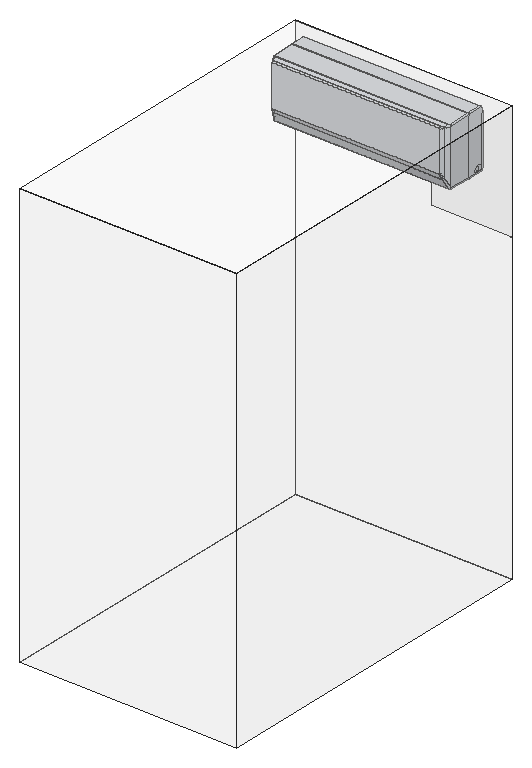
Revit family "pk-rp28la5_112ka21_60hz", category 機械設備, Revit 2019 (continued)
Definition of nested family "pk-rp_la3"
  Automatic sketch dimensions
    Extrusion 1 sketch curve to Extrusion 1 sketch curve = 1.509 mm
    Extrusion 1 sketch curve to plane 10 "Fkidasi_Z" = 2.669 mm
    Extrusion 1 sketch curve to Extrusion 1 sketch curve = 3.53 mm
    Extrusion 1 sketch curve to Extrusion 1 sketch curve = 0.245 mm
    Extrusion 1 sketch curve to plane 10 "Fkidasi_Z" = 0.212 mm
    Extrusion 1 sketch curve to Extrusion 1 sketch curve = 11.126 mm
    Extrusion 1 sketch curve to Extrusion 1 sketch curve = 11.355 mm
    plane 10 "Fkidasi_Z" to Extrusion 1 sketch curve = 0.239 mm
    Extrusion 1 sketch curve to Extrusion 1 sketch curve = 0.886 mm
    Extrusion 1 sketch curve to Extrusion 1 sketch curve = 14.099 mm
    Extrusion 1 sketch curve to Extrusion 1 sketch curve = 0.981 mm  (x3)
    Extrusion 1 sketch curve to plane 2 = 91.302 mm
    plane 6 "UNDER" to Extrusion 1 sketch curve = 3.179 mm
    Extrusion 1 sketch curve to Extrusion 1 sketch curve = 2.631 mm
    Extrusion 1 sketch curve to Extrusion 1 sketch curve = 10.856 mm
    Extrusion 1 sketch curve to plane 10 "Fkidasi_Z" = 10.968 mm
    Extrusion 1 sketch curve to Extrusion 1 sketch curve = 1.969 mm
    Extrusion 1 sketch curve to plane 10 "Fkidasi_Z" = 1.653 mm
    Extrusion 1 sketch curve to plane 10 "Fkidasi_Z" = 0.674 mm
    Extrusion 1 sketch curve to Extrusion 1 sketch curve = 0.182 mm
    plane 10 "Fkidasi_Z" to Extrusion 1 sketch curve = 19.962 mm
    plane 10 "Fkidasi_Z" to Extrusion 1 sketch curve = 45.88 mm
    Extrusion 1 sketch curve to Extrusion 1 sketch curve = 9.288 mm
    Extrusion 1 sketch curve to Extrusion 1 sketch curve = 1.712 mm
    Extrusion 1 sketch curve to Extrusion 1 sketch curve = 2.453 mm
    Extrusion 1 sketch curve to Extrusion 1 sketch curve = 1.702 mm
    Extrusion 1 sketch curve to Extrusion 1 sketch curve = 0.58 mm
    Extrusion 1 sketch curve to Extrusion 1 sketch curve = 1.434 mm
    Extrusion 1 sketch curve to level = 23.558 mm
    Extrusion 1 sketch curve to Extrusion 1 sketch curve = 8.081 mm
    Extrusion 1 sketch curve to Extrusion 1 sketch curve = 4.288 mm
    Extrusion 1 sketch curve to Extrusion 1 sketch curve = 0.784 mm
    Extrusion 1 sketch curve to Extrusion 1 sketch curve = 0 mm
    Extrusion 1 sketch curve to Extrusion 1 sketch curve = 1.627 mm
    Extrusion 1 sketch curve to Extrusion 1 sketch curve = 0.002 mm
    Extrusion 1 sketch curve to level = 0 mm
    plane 19 to Extrusion 1 sketch curve = 6.097 mm
    Extrusion 1 sketch curve to Extrusion 1 sketch curve = 10.916 mm
    curve 15 to Extrusion 1 = 0 mm
    curve 17 to Extrusion 1 = 0 mm
    curve 20 to Extrusion 1 = 0 mm
    curve 13 to Extrusion 1 = 0 mm
    curve 10 to Extrusion 1 = 0 mm
    curve 8 to Extrusion 1 = 0 mm
    curve 15 to Extrusion 1 = 20 mm
    curve 15 to curve 16 = 8 mm
    curve 19 to Extrusion 1 = 1.466 mm
    curve 21 to Extrusion 1 = 3.034 mm
    curve 21 to curve 17 = 22.703 mm
    curve 14 to curve 9 = 24.618 mm
    curve 10 to curve 14 = 23.733 mm
    curve 10 to curve 12 = 34.286 mm
    curve 9 to Extrusion 1 = 28 mm
    curve 11 to curve 8 = 8 mm
    curve 19 to curve 21 = 11.583 mm
    curve 18 to curve 19 = 23.714 mm
    curve 19 to curve 16 = 19.672 mm
    curve 9 to Extrusion 1 = 35.752 mm
    curve 13 to curve 10 = 10 mm
    curve 13 to curve 11 = 79 mm
    plane 19 to Extrusion 1 sketch curve = 29.248 mm
    curve 6 to Extrusion 1 = 0 mm
    curve 2 to Extrusion 1 = 0 mm
    curve 1 to Extrusion 1 = 0 mm
    curve 2 to Extrusion 1 = 7.8 mm
    curve 1 to Extrusion 1 = 57 mm
    curve 4 to curve 7 = 0 mm
    curve 5 to curve 3 = 8 mm
    curve 3 to curve 7 = 50.624 mm
    curve 7 to curve 6 = 8.376 mm
    curve 7 to curve 3 = 7.895 mm
    curve 24 to Extrusion 1 = 1 mm
    curve 32 to Extrusion 1 = 1.705 mm
    curve 5 to curve 32 = 45 mm
    curve 4 to curve 24 = 48 mm
    curve 32 to Extrusion 1 = 1.664 mm
    curve 2 to Extrusion 1 = 57 mm
    curve 25 to Extrusion 1 = 0 mm
    curve 26 to Extrusion 1 = 0 mm
    curve 30 to Extrusion 1 = 0 mm
    Extrusion 1 to curve 25 = 57 mm
    Extrusion 1 to curve 26 = 7.8 mm
    Extrusion 1 to curve 26 = 57 mm
    curve 31 to curve 28 = 0 mm
    curve 28 to curve 27 = 8 mm
    curve 29 to curve 31 = 50.624 mm
    curve 31 to curve 30 = 8.376 mm
    curve 31 to curve 27 = 7.895 mm
    Extrusion 1 to curve 23 = 1 mm
    Extrusion 1 to curve 22 = 1.664 mm
    Extrusion 1 to curve 22 = 110 mm
    Extrusion 1 to curve 22 = 1.705 mm
    curve 28 to curve 23 = 48 mm
Types (9, lengths in mm): name | 風量_静 (m3/min) | 風量_強 (m3/min) | 風量_弱 (m3/min) | 風量_中 (m3/min) | 風量 | 音響パワーレベル_静 (dB) | 音響パワーレベル_弱 (dB) | 音響パワーレベル_中 (dB) | 音響パワーレベル_強 (dB) | 音響パワーレベル(dB) | 電動機出力_送風機 | 質量 | 構成品番 | 壁掛_PK-RP_LA3 | 壁掛_PK-RP_LA1 | 冷媒液管位置-Z | 冷媒液管位置-Y | 冷媒液管位置-X | 冷媒ガス管位置-Z | 冷媒ガス管位置-Y | 冷媒ガス管位置-X | ドレン位置-Z | ドレン位置-Y | ドレン位置-X | Space Top | Space Right_1 | Space Right | Space Left | MIN２風量 | MIN風量 | MID風量 | MAX風量 | 製品質量 | 消費電力_暖房 | 消費電力_冷房 | 消費電力 | 暖房能力 | 冷房能力 | 冷媒管径符号 | 冷媒液管径 | 冷媒ガス管径 | Width | S_H | Height | Depth | Clearance Top | Clearance Right | Clearance Left
  壁掛_PK-RP28LA5 | 6.3 | 8.7 | 7.3 | 8 | 522.0 m³/h | 45 | 48 | 50 | 52 | 52 | 0.03 kW | 15.00 kg | "PK-RP28LA5" | no | yes | 280 | 23 | 711 | 268 | 23 | 642 | 274 | 37 | 660 | 50 | 260 | 150 | 50 | 378.0 m³/h | 438.0 m³/h | 480.0 m³/h | 522.0 m³/h | 12.50 kg | 0.02 kW | 0.03 kW | 0.03 kW | 2.80 kW | 2.5 kW | "Ac" | 6.35 | 12.70 | 898 | 356 | 299 | 237 | 50 | 150 | 50
  壁掛_PK-RP40LA5 | 6.8 | 10.7 | 8.2 | 9.4 | 642.0 m³/h | 47 | 51 | 54 | 57 | 57 | 0.03 kW | 15.00 kg | "PK-RP40LA5" | no | yes | 280 | 35 | 711 | 268 | 35 | 642 | 245 | 35 | 660 | 50 | 260 | 150 | 50 | 408.0 m³/h | 492.0 m³/h | 564.0 m³/h | 642.0 m³/h | 12.50 kg | 0.03 kW | 0.04 kW | 0.04 kW | 4.00 kW | 3.6 kW | "Ac" | 6.35 | 12.70 | 898 | 356 | 299 | 237 | 50 | 150 | 50
  壁掛_PK-RP45LA5 | 6.8 | 10.7 | 8.2 | 9.4 | 642.0 m³/h | 48 | 51 | 54 | 57 | 57 | 0.03 kW | 15.00 kg | "PK-RP45LA5" | no | yes | 280 | 35 | 711 | 268 | 35 | 642 | 245 | 35 | 660 | 50 | 260 | 150 | 50 | 408.0 m³/h | 492.0 m³/h | 564.0 m³/h | 642.0 m³/h | 12.50 kg | 0.03 kW | 0.04 kW | 0.04 kW | 4.50 kW | 4 kW | "Ac" | 6.35 | 12.70 | 898 | 356 | 299 | 237 | 50 | 150 | 50
  壁掛_PK-RP50LA5 | 6.8 | 10.7 | 8.2 | 9.4 | 642.0 m³/h | 48 | 51 | 54 | 57 | 57 | 0.03 kW | 15.00 kg | "PK-RP50LA5" | no | yes | 280 | 35 | 711 | 268 | 35 | 642 | 245 | 35 | 660 | 50 | 260 | 150 | 50 | 408.0 m³/h | 492.0 m³/h | 564.0 m³/h | 642.0 m³/h | 12.50 kg | 0.03 kW | 0.04 kW | 0.04 kW | 5.00 kW | 4.5 kW | "Ac" | 6.35 | 12.70 | 898 | 356 | 299 | 237 | 50 | 150 | 50
  壁掛_PK-RP56LA5 | 7.3 | 13.6 | 9.4 | 11.6 | 816.0 m³/h | 49 | 54 | 59 | 63 | 63 | 0.03 kW | 15.00 kg | "PK-RP56LA5" | no | yes | 280 | 35 | 711 | 268 | 35 | 642 | 245 | 35 | 660 | 50 | 260 | 150 | 50 | 438.0 m³/h | 564.0 m³/h | 696.0 m³/h | 816.0 m³/h | 12.50 kg | 0.05 kW | 0.06 kW | 0.06 kW | 5.60 kW | 5 kW | "Ac" | 6.35 | 12.70 | 898 | 356 | 299 | 237 | 50 | 150 | 50
  壁掛_PK-RP63KA21 | 0 | 19 | 16.5 | 17.8 | 1140.0 m³/h | 0 | 53 | 55 | 56 | 56 | 0.056 kW | 24.00 kg | "PK-RP63KA21" | yes | no | 312 | 30 | 636 | 333 | 25 | 567 | 347 | 61 | 719 | 48 | 220 | 100.5 | 52.3 | 0.0 m³/h | 990.0 m³/h | 1068.0 m³/h | 1140.0 m³/h | 20.00 kg | 0.06 kW | 0.06 kW | 0.06 kW | 6.30 kW | 5.6 kW | "Ac" | 6.35 | 12.70 | 1170 | 420 | 365 | 295 | 48 | 100.5 | 52.3
  壁掛_PK-RP71KA21 | 0 | 19 | 16.5 | 17.8 | 1140.0 m³/h | 0 | 53 | 55 | 56 | 56 | 0.056 kW | 25.20 kg | "PK-RP71KA21" | yes | no | 312 | 30 | 636 | 333 | 25 | 567 | 347 | 61 | 719 | 48 | 220 | 100.5 | 52.3 | 0.0 m³/h | 990.0 m³/h | 1068.0 m³/h | 1140.0 m³/h | 21.00 kg | 0.06 kW | 0.06 kW | 0.06 kW | 7.10 kW | 6.3 kW | "Bd" | 9.52 | 15.88 | 1170 | 420 | 365 | 295 | 48 | 100.5 | 52.3
  壁掛_PK-RP80KA21 | 0 | 23 | 17 | 20 | 1380.0 m³/h | 0 | 53 | 57 | 61 | 61 | 0.056 kW | 25.20 kg | "PK-RP80KA21" | yes | no | 312 | 30 | 636 | 333 | 25 | 567 | 347 | 61 | 719 | 48 | 220 | 100.5 | 52.3 | 0.0 m³/h | 1020.0 m³/h | 1200.0 m³/h | 1380.0 m³/h | 21.00 kg | 0.07 kW | 0.07 kW | 0.07 kW | 8.00 kW | 7.1 kW | "Bd" | 9.52 | 15.88 | 1170 | 420 | 365 | 295 | 48 | 100.5 | 52.3
  壁掛_PK-RP112KA21 | 0 | 25 | 17 | 21 | 1500.0 m³/h | 0 | 56 | 61 | 66 | 66 | 0.056 kW | 25.20 kg | "PK-RP112KA21" | yes | no | 312 | 30 | 636 | 333 | 25 | 567 | 347 | 61 | 719 | 48 | 220 | 100.5 | 52.3 | 0.0 m³/h | 1020.0 m³/h | 1260.0 m³/h | 1500.0 m³/h | 21.00 kg | 0.07 kW | 0.07 kW | 0.07 kW | 11.20 kW | 10 kW | "Bd" | 9.52 | 15.88 | 1170 | 420 | 365 | 295 | 48 | 100.5 | 52.3
